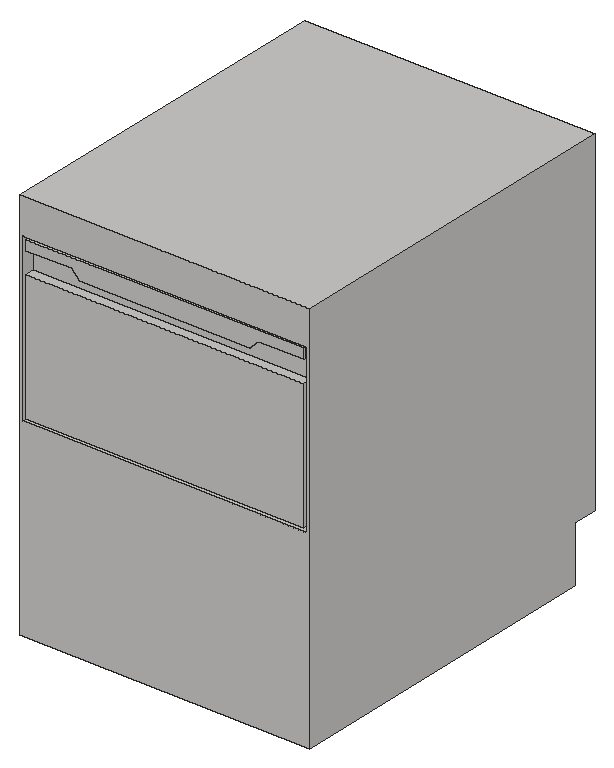
Revit family "QF_ELECTROLUXPROFESSIONAL_402212_ESSICP3", category Specialty Equipment, Revit 2018
Family settings
  Round Connector Dimension = Use Diameter
  Part Type = Normal
  Work Plane-Based = No
  Always vertical = Yes
  Cut with Voids When Loaded = No
  Shared = No
  Room Calculation Point = No
Parameters
  Weight = 34.00 kg
  Watts = 0 W
  Volts = 0 V
  URL Manufacturer = ""
  URL = "http://professional.electrolux.com/"
  Steam Supply Size = 0 mm
  Steam Supply Minimum Pressure = 0.0 Pa
  Steam Supply Maximum Pressure = 0.0 Pa
  Steam Pounds per Hour = 0
  Show Logo [instance] = yes
  Show Clearance [instance] = yes
  Refrigeration Suction Line Size = 0 mm
  Refrigeration Liquid Line Size = 0 mm
  Refrigerant Compressor Remote = yes
  Manufacturer = ""
  Phase = 0
  Model = ""
  Length Actual = 460 mm  # constant formula
  Item Number = ""
  Hot Water Size = 0 mm
  Height Actual = 635 mm  # constant formula
  HP = "6.4 HP"
  Gas Size = 0 mm
  Gas KW = 0
  Gas Input Pressure = 0 W
  Direct Waste Size = 27 mm
  Description = ""
  Depth Actual = 565 mm  # constant formula
  Cycle = 0 Hz
  Condensate Return Size = 0 mm
  Compressed Air Volume = 0.0 L/s
  Compressed Air Size = 0 mm
  Compressed Air Pressure = 0.0 Pa
  Cold Water Size = 0 mm
  Accessory = yes
Types (2, lengths in mm): name | Volts | URL Manufacturer | URL | Manufacturer | Phase | Model | Item Number | Description | Cycle | Cold Water Size
  (no name) | 0 V | "" | "http://professional.electrolux.com/" | "" | 0 | "" | "" | "" | 0 Hz | 0
  Standard | 400 V | "http://professional.electrolux.com" | "http://professional.electrolux.com" | "Electrolux Professional" | 3 | "ESSICP3" | "402212" | "GLASSWASHER(SHORT S) DBL.SKIN,COLD RINSE, DP, 30B/H,NO PLUG-400V/3N" | 50 Hz | 19.05
Reference planes
  plane 1 "Center (Front/Back)": y = 0
  plane 2: z = 0
  plane 3 "Center (Left/Right)": x = 0
  plane 4 "LEFT": x = -230
  plane 5 "RIGHT": x = 230
  plane 6 "FRONT": y = -282.5
  plane 7 "BACK": y = 282.5
  plane 8: x = -202.5
  plane 9: x = 202.5
  plane 10: z = 635
  plane 11: z = 10
Forms (mm)
  Extrusion 1, solid, material "QF_Finishes_Stainless Steel"
    sketch origin (0, 0, 0) x (1, 0, 0) y (0, 1, 0)
      loop
        line (-230, -282.5) -> (230, -282.5) -> (230, 243.5) -> (-230, 243.5) -> (-230, -282.5)
    from 10 to 635
  Extrusion 2, solid, material "QF_Finishes_Stainless Steel"
    sketch origin (0, 0, 0) x (1, 0, 0) y (0, 1, 0)
      loop
        line (-230, 243.5) -> (230, 243.5) -> (230, 282.5) -> (-230, 282.5) -> (-230, 243.5)
    from 100 to 635
  Extrusion 3, solid, material "QF_Finishes_Stainless Steel"
    sketch origin (0, 0, 0) x (1, 0, 0) y (0, 1, 0)
      loop
        circle (-202.5, 184.5) r 12.5
      loop
        circle (202.5, 184.5) r 12.5
      loop
        circle (-202.5, -235.5) r 12.5
      loop
        circle (202.5, -235.5) r 12.5
    from 0 to 10
  Extrusion 4, void
    sketch origin (-230, -282.5, 0) x (-1, 0, 0) y (0, 0, 1)
      loop
        line (-5, 578.217) -> (-455, 578.217) -> (-455, 315) -> (-5, 315) -> (-5, 578.217)
    from 0 to 30
  Extrusion 5, solid, material "QF_Finishes_Stainless Steel"
    sketch origin (-53, -392, 738) x (0, 0, -1) y (1, 0, 0)
      loop
        circle (693, 213) r 10
    from -635.5 to -674.5
  Extrusion 6, solid, material "QF_Door-Drawer Clearances", visible <- "Show Clearance", detail levels coarse
    sketch origin (-230, -282.5, 0) x (0, 1, 0) y (0, 0, -1)
      loop
        line (0, -315) -> (-230, -315)
        arc (-230, -315) -> (-165.874, -490.004) -> (0, -575) r 255.719
        line (0, -575) -> (0, -315)
    from -10 to -450
  Extrusion 7, solid, material "QF_Finishes_Stainless Steel"
    sketch origin (-242.481, -392, 738) x (0, 0, -1) y (1, 0, 0)
      loop
        circle (663, 322.481) r 8
    from -635.5 to -674.5
  Extrusion 8, solid, material "QF_Finishes_Stainless Steel"
    sketch origin (-230, -282.5, 0) x (0, 1, 0) y (0, 0, -1)
      loop
        line (0, -320) -> (0, -525) -> (15, -525) -> (15, -575) -> (25, -575) -> (25, -320) -> (0, -320)
    from -10 to -450
  Extrusion 9, solid, material "QF_Finishes_Stainless Steel"
    sketch origin (-230, -282.5, 0) x (0, 1, 0) y (0, 0, -1)
      loop
        line (15, -575) -> (15, -572.514) -> (2.5, -572.514) -> (2.5, -546.25) -> (0, -546.25) -> (0, -575) -> (15, -575)
    from -10 to -450
  Extrusion 10, void
    sketch origin (-230, -282.5, 575) x (0, 0, 1) y (1, 0, 0)
      loop
        line (-15.552, 10) -> (-15.552, 81.607) -> (-28.75, 94.804) -> (-28.75, 10) -> (-15.552, 10)
      loop
        line (-15.552, 450) -> (-28.75, 450) -> (-28.75, 365.196) -> (-15.552, 378.393) -> (-15.552, 450)
    from 0 to 2.5
  Extrusion 11, solid, material "QF_Finishes_Stainless Steel"
    sketch origin (-328, -392, 738) x (0, 0, -1) y (1, 0, 0)
      loop
        circle (663, 228) r 8
    from -635.5 to -674.5
Cuts and joins
  Extrusion 4 cuts Extrusion 1
  joined: Extrusion 1, Extrusion 2
  Extrusion 10 cuts Extrusion 8
  Extrusion 10 cuts Extrusion 9
Lines and regions (mm)
  Split face 1
    outline origin (-230, -282.5, 635) x (0, 0, -1) y (1, 0, 0)
      loop
        line (56.783, 5) -> (42.5, 5) -> (42.5, 67.5) -> (49.142, 74.142) -> (49.142, 385.858) -> (42.5, 392.5) -> (42.5, 455) -> (56.783, 455)
  Split face 2
    outline origin (-230, -282.5, 635) x (0, 0, -1) y (1, 0, 0)
      loop
        line (42.5, 5) -> (5, 5) -> (5, 455) -> (42.5, 455)
  Split face 3
    outline origin (-230, -282.5, 635) x (0, 0, -1) y (1, 0, 0)
      loop
        line (19.683, 178.044) -> (39.683, 178.044) -> (39.683, 218.044) -> (19.683, 218.044) -> (19.683, 178.044)
  symbolic lines
    curve 1: line (-230, 282.5, 0) -> (230, 282.5, 0)
    curve 2: line (-230, -282.5, 0) -> (-230, 282.5, 0)
    curve 3: line (230, -282.5, 0) -> (-230, -282.5, 0)
    curve 4: line (230, 282.5, 0) -> (230, -282.5, 0)
  symbolic lines, style "QF_Door-Drawer Clearances"
    curve 5: line (-220, -512.5, 0) -> (220, -512.5, 0)
    curve 6: line (220, -512.5, 0) -> (220, -282.5, 0)
    curve 7: line (-220, -512.5, 0) -> (-220, -282.5, 0)
  symbolic lines, style "SpecialityEquipmentHiddenLines"
    curve 8: line (-230, 243.5, 0) -> (230, 243.5, 0)
Dimensions and locks
  equal spacing: plane 4 "LEFT", plane 3 "Center (Left/Right)", plane 5 "RIGHT"
  equal spacing: plane 7 "BACK", plane 1 "Center (Front/Back)", plane 6 "FRONT"
  plane 7 "BACK" to plane 6 "FRONT" = 565 mm
  plane 4 "LEFT" to plane 5 "RIGHT" = 460 mm
  plane 4 "LEFT" to plane 8 = 27.5 mm
  plane 9 to plane 5 "RIGHT" = 27.5 mm
  locked: plane 11 to level at 10
  plane 4 "LEFT" to plane 3 "Center (Left/Right)" = 230 mm
  plane 10 to level = 635 mm  (x2)
  plane 8 to plane 9 = 405 mm
  level to Extrusion 11 sketch curve = 75 mm
  Extrusion 11 sketch curve to plane 4 "LEFT" = 130 mm
  level to Extrusion 5 sketch curve = 45 mm
  Extrusion 5 sketch curve to plane 4 "LEFT" = 390 mm
  Extrusion 7 sketch curve to plane 4 "LEFT" = 310 mm
  level to Extrusion 7 sketch curve = 75 mm
  locked: Extrusion 3 to cut or joined group of Extrusion 1, Extrusion 2, Extrusion 4 at 98
  Extrusion 3 to Extrusion 3 = 420 mm
  locked: plane 6 "FRONT" to Extrusion 3 at 47
  plane 9 to plane 8 = 405 mm
  plane 7 "BACK" to curve 5 = 795 mm
  cut or joined group of Extrusion 8, Extrusion 10 to cut or joined group of Extrusion 1, Extrusion 2, Extrusion 4 = 210 mm
  aligned and locked: level to plane 2
  aligned and locked: Extrusion 1 sketch curve to plane 6 "FRONT"
  aligned and locked: Extrusion 1 sketch curve to plane 4 "LEFT"
  aligned and locked: plane 5 "RIGHT" to Extrusion 1 sketch curve
  aligned and locked: Extrusion 1 to plane 11
  aligned and locked: Extrusion 2 sketch curve to Extrusion 1  (x2)
  aligned and locked: plane 7 "BACK" to Extrusion 2 sketch curve
  aligned and locked: plane 5 "RIGHT" to Extrusion 2 sketch curve
  aligned and locked: plane 11 to Extrusion 3
  aligned and locked: Extrusion 2 to Extrusion 5
  aligned and locked: Extrusion 2 to Extrusion 7
  aligned and locked: plane 7 "BACK" to Extrusion 7
  aligned and locked: plane 7 "BACK" to Extrusion 5
  aligned and locked: cut or joined group of Extrusion 9, Extrusion 10 to Extrusion 10
  aligned and locked: plane 10 to Extrusion 2
Automatic sketch dimensions
  curve 1 to plane 4 "LEFT" = 0 mm
  curve 7 to plane 6 "FRONT" = 0 mm
  curve 4 to plane 5 "RIGHT" = 0 mm
  curve 2 to plane 7 "BACK" = 0 mm
  plane 4 "LEFT" to curve 5 = 10 mm
  curve 6 to plane 5 "RIGHT" = 10 mm
  curve 8 to plane 7 "BACK" = 39 mm
  Extrusion 1 sketch curve to plane 7 "BACK" = 39 mm
  Extrusion 3 sketch curve to plane 8 = 0 mm  (x2)
  Extrusion 3 sketch curve to plane 9 = 0 mm  (x2)
  plane 6 "FRONT" to Extrusion 3 sketch curve = 47 mm  (x2)
  Extrusion 3 sketch curve to plane 7 "BACK" = 98 mm  (x2)
  Extrusion 4 sketch curve to Extrusion 1 = 5 mm  (x2)
  Extrusion 4 sketch curve to Extrusion 1 = 305 mm
  Extrusion 4 sketch curve to Extrusion 1 = 56.783 mm
  Extrusion 8 sketch curve to plane 6 "FRONT" = 0 mm
  plane 6 "FRONT" to Extrusion 8 sketch curve = 15 mm
  Extrusion 8 sketch curve to Extrusion 8 sketch curve = 25 mm
  Extrusion 8 sketch curve to plane 10 = 60 mm
  Extrusion 8 sketch curve to Extrusion 8 sketch curve = 50 mm
  Extrusion 8 sketch curve to Extrusion 8 sketch curve = 205 mm
  Extrusion 9 sketch curve to plane 6 "FRONT" = 0 mm
  Extrusion 9 sketch curve to Extrusion 9 sketch curve = 2.5 mm
  Extrusion 9 sketch curve to Extrusion 9 sketch curve = 12.5 mm
  Extrusion 9 sketch curve to plane 10 = 60 mm
  Extrusion 9 sketch curve to Extrusion 9 sketch curve = 2.486 mm
  Extrusion 9 sketch curve to Extrusion 9 sketch curve = 26.264 mm
  Extrusion 10 sketch curve to Extrusion 9 = 0 mm  (x3)
  Extrusion 9 to Extrusion 10 sketch curve = 0 mm
  Extrusion 10 sketch curve to Extrusion 9 = 13.198 mm  (x2)
  Extrusion 10 sketch curve to Extrusion 9 = 71.607 mm
  Extrusion 10 sketch curve to Extrusion 10 sketch curve = 13.198 mm  (x2)
  Extrusion 10 sketch curve to Extrusion 9 = 84.804 mm
  Extrusion 6 sketch curve to plane 6 "FRONT" = 0 mm
  Extrusion 6 sketch curve to plane 6 "FRONT" = 230 mm
  plane 6 "FRONT" to Extrusion 6 sketch curve = 25.658 mm
  Extrusion 6 sketch curve to plane 10 = 60 mm
  Extrusion 6 sketch curve to Extrusion 6 sketch curve = 254.429 mm
  Split face 1 sketch curve to cut or joined group of Extrusion 1, Extrusion 2, Extrusion 4 = 0 mm  (x4)
  cut or joined group of Extrusion 1, Extrusion 2, Extrusion 4 to Split face 1 sketch curve = 7.641 mm
  Split face 1 sketch curve to Split face 1 sketch curve = 6.642 mm  (x4)
  Split face 1 sketch curve to Split face 1 sketch curve = 62.5 mm
  Split face 1 sketch curve to cut or joined group of Extrusion 1, Extrusion 2, Extrusion 4 = 69.142 mm
  Split face 2 sketch curve to cut or joined group of Extrusion 1, Extrusion 2, Extrusion 4 = 0 mm  (x2)
  Split face 2 sketch curve to cut or joined group of Extrusion 1, Extrusion 2, Extrusion 4 = 5 mm
  cut or joined group of Extrusion 1, Extrusion 2, Extrusion 4 to Split face 2 sketch curve = 14.283 mm  (x2)
  Split face 3 sketch curve to cut or joined group of Extrusion 1, Extrusion 2, Extrusion 4 = 19.683 mm
  cut or joined group of Extrusion 1, Extrusion 2, Extrusion 4 to Split face 3 sketch curve = 17.1 mm
  Split face 3 sketch curve to cut or joined group of Extrusion 1, Extrusion 2, Extrusion 4 = 173.044 mm
  Split face 3 sketch curve to Split face 3 sketch curve = 40 mm
  radius of Extrusion 5 sketch curve = 10 mm
  radius of Extrusion 7 sketch curve = 8 mm
  radius of Extrusion 11 sketch curve = 8 mm
  radius of Extrusion 3 sketch curve = 12.5 mm  (x4)
Connectors
  piping at (160, 282.5, 45), diameter 20
    settings: on Extrusion 5, index 1, connector inside diameter 609.6 mm, connector length 0 mm, flow factor 0, pipe flow 0.0 L/s, pressure drop 0.0 Pa, fitting loss kfactor 0, connector angle 0.00°, fixture units 0, engagement length 0 mm, angle of deflection 0.00°, flow configuration 1, flow direction 1, fitting loss method 0, system type 16, joint type 0, gender type 0, connector reference index -1, connector utility 0, adjustable connector no, is connector primary yes, connector description "Drain"
  piping at (80, 282.5, 75), driven by "Cold Water Size"
    settings: on Extrusion 7, index 3, connector diameter 0 mm, connector inside diameter 609.6 mm, connector length 0 mm, flow factor 0, pipe flow 0.0 L/s, pressure drop 0.0 Pa, fitting loss kfactor 0, connector angle 0.00°, fixture units 0, engagement length 0 mm, angle of deflection 0.00°, flow configuration 1, flow direction 1, fitting loss method 0, system type 20, joint type 0, gender type 0, connector reference index -1, connector utility 0, adjustable connector no, is connector primary no, connector description "Cold Water Inlet"
  electrical at (-100, 282.5, 75), driven by "Volts"
    settings: on Extrusion 11, index 4, voltage 0 V, apparent load 0 VA, apparent load phase1 0 VA, apparent load phase2 0 VA, apparent load phase3 0 VA, power factor 1, load classification "Altro", number of poles 1, system type 31, power factor state 1, is connector primary yes, connector utility no, sub classification motor no, connector description "Electrical Connection"
